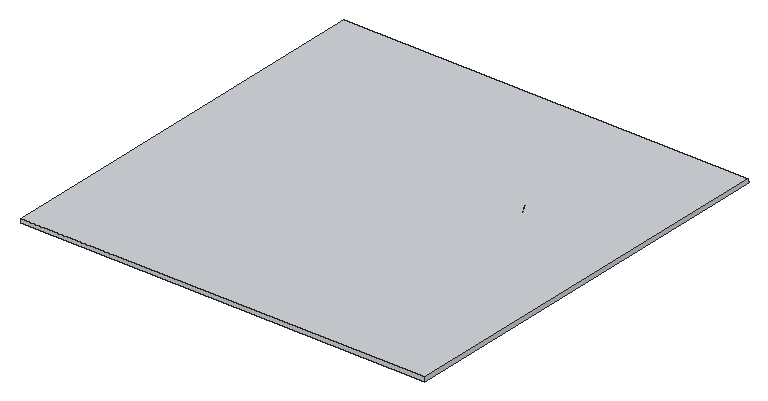
Revit family "Tyco_FireDtctnAlmCtrlIndctEquip_Zettler-AddressableHeatDetector", category Fire Alarm Devices, host Face, Revit 2013
Parameters (values of type "830H")
  Weight = "(Excluding Base) 81g"
  WarrantyStartDate [instance] = "1900-12-31T23:59:59"
  WarrantyGuarantorParts = "Contact your supplier. If you don’t have your supplier contact details please contact (tfsuk.service@tycoint.com) or (tfseu.service@tycoint.com)"
  WarrantyGuarantorLabor = "Contact your supplier. If you don’t have your supplier contact details please contact (tfsuk.service@tycoint.com) or (tfseu.service@tycoint.com)"
  WarrantyDurationUnit = "Year"
  WarrantyDurationParts = "1.5 years"
  WarrantyDurationLabor = "1.5 years"
  WarrantyDescription = "n/a"
  Voltage = "20 – 40 VDC"
  Version = "1"
  UsageCurrent = "335μA"
  Uniclass2 = "Ee_40_15_75"
  URL = "http://www.zettlerfire.com/Products/Fire/ZETTLERdetectors/ZETTLERGen6_830H_850H.asp"
  Type Comments = "Only 4B_Detector or 4B-I_Isolator Detector Bases can be used with 830H Detector"
  TimeConstant = "n/a"
  TagNumber [instance] = "n/a"
  SustainabilityPerformance = "n/a"
  StorageTemperature = "-40 °C to +80 °C"
  Size = "n/a"
  ShortCircuitIsolators = no
  Shape = "n/a"
  SerialNumber [instance] = "n/a"
  Revision = "n/a"
  ReplacementCost = "n/a"
  RelativeHumidity = "95%(non-condensing)"
  Reference = "n/a"
  QuiescentCurrent = "335μA"
  ProductSpecification = "830H Heat Detector without built in- line isolator"
  ProductInformation = "http://www.zettlerfire.com/Products/Fire/ZETTLERdetectors/ZETTLERGen6_830H_850H.asp"
  ProductCodes = "516.830.053"
  PhaseReference = "n/a"
  PhaseAngle = 0.00°
  OperationTemperatureRange = "-25 °C to +70 °C"
  NumberOfPoles = 0
  NominalWidth = 108 mm
  NominalVoltage = "40 V DC"
  NominalLength = 108 mm
  NominalHeight = 42 mm
  NominalFrequencyRange = "n/a"
  NominalDiameter = 108 mm
  NominalCurrent = "n/a"
  Name = "830H-Addressable Heat Detector"
  NBSReference = "90-75-30/380"
  NBSDescription = "Fire detection and alarm control and indicating equipment (CIE)"
  ModelReference = "n/a"
  ModelNumber = "830H"
  Model = "830H"
  Material = "Flame Retardant-FR3010 ‘BAYBLEND'"
  ManufacturerURL = "www.zettlerfire.com"
  ManufacturerName = "Tyco Fire Protection Products"
  Manufacturer = "Tyco Fire Protection Products"  # constant formula
  InsulationStandardClass = "n/a"
  InstallationDate [instance] = "1900-12-31T23:59:59"
  IfcTypeObject = "IfcBuildingElementProxy"
  IfcExportType = "HEATSENSOR"
  IfcExportAs = "IfcSensorType"
  IPCode = "IP44"
  HeatSensorSetPoint = "n/a"
  HeatSensorRange = "n/a"
  HeatSensorAccuracy = "n/a"
  HasProtectiveEarth = no
  Grade = "n/a"
  Finish = "n/a"
  Features = "Addressable Heat Sensor"
  ExpectedLife = "n/a"
  ElectricalDeviceNominalPower = "n/a"
  DurationUnit = "Year"
  DeviceBases = "4B_Detector Base/4B-I_Isolator Detector Base"
  DetectorType = "Heat Detector"
  Detector Color = Plastic Material White
  Detector Base [instance] = 4B series Detector Bases : 4B_Detector_Base
  Description = "Zettler-Addressable Heat Detector without built in- line isolator"
  Default Elevation = 1200 mm
  CoverageArea = "n/a"
  Constituents = "n/a"
  Color = "White"
  CodePerformance = "n/a"
  Category = "Ee_40_15_75"
  Brand = "Zettler"
  BarCode [instance] = "n/a"
  BIMObjectName = "Tyco_FireDtctnAlmCtrlIndctEquip_Zettler-AddressableHeatDetector-830H"
  Author = "Tyco Fire Protection Products"
  AssetType = "Moveable"
  AssetIdentifier [instance] = "n/a"
  AlarmCurrent = "3.3mA"
  AccessibilityPerformance = "n/a"
Types (3, lengths in mm): name | Type Comments | ShortCircuitIsolators | ProductSpecification | ProductCodes | Name | ModelNumber | Model | DeviceBases | Detector Base | Description | BIMObjectName
  (no name) | "Only 4B_Detector or 4B-I_Isolator Detector Bases can be used with 830H Detector" | no | "830H Heat Detector without built in- line isolator" | "516.830.053" | "830H-Addressable Heat Detector" | "830H" | "830H" | "4B_Detector Base/4B-I_Isolator Detector Base" | 4B series Detector Bases : 4B_Detector_Base | "Zettler-Addressable Heat Detector without built in- line isolator" | "Tyco_FireDtctnAlmCtrlIndctEquip_Zettler-AddressableHeatDetector-830H"
  850H | "Only 4B-C_Continuity Detector Base can be used with 850H Detector" | yes | "850H Heat Detector with built in-line isolator" | "516.850.053" | "850H-Addressable Heat Detector" | "850H" | "850H" | "4B-C_Continuity Detector Base" | 4B series Detector Bases : 4B-C_Continuity_Detector_Base | "Zettler-Addressable Heat Detector with built in line isolator" | "Tyco_FireDtctnAlmCtrlIndctEquip_Zettler-AddressableHeatDetector-850H"
  830H | "Only 4B_Detector or 4B-I_Isolator Detector Bases can be used with 830H Detector" | no | "830H Heat Detector without built in- line isolator" | "516.830.053" | "830H-Addressable Heat Detector" | "830H" | "830H" | "4B_Detector Base/4B-I_Isolator Detector Base" | 4B series Detector Bases : 4B_Detector_Base | "Zettler-Addressable Heat Detector without built in- line isolator" | "Tyco_FireDtctnAlmCtrlIndctEquip_Zettler-AddressableHeatDetector-830H"
Reference planes
  plane 1 "Center (Front/Back)": y = 0
  plane 2: z = 0
  plane 3 "Center (Left/Right)": x = 0
  plane 4 "Base Ref": z = -13
  plane 5: z = -55
Forms (mm)
  Extrusion 1, solid
    sketch origin (0, 0, 0) x (1, 0, 0) y (0, 1, 0)
      loop
        line (-100, 100) -> (-100, -100) -> (100, -100) -> (100, 100) -> (-100, 100)
    from 0 to 2
Lines and regions (mm)
  symbolic lines
    curve 1: circle (0, 0, 0) r 55 normal (0, 0, 1)
    curve 2: circle (0, 0, 0) r 27.844 normal (0, 0, 1)
    curve 3: line (-54.5, 0, 0) -> (54.5, 0, 0)
    curve 63: line (0, 54.516, 0) -> (0, -54.509, 0)
  symbolic lines, detail levels medium+fine
    curve 4: line (54.5, 0, 0) -> (54, 0, -13)
    curve 5: line (54, 0, -13) -> (-54, 0, -13)
    curve 6: line (-54, 0, -13) -> (-54.5, 0, 0)
    curve 7: arc (-37.856, 0, -36.4) -> (-41.005, 0, -33.439) -> (-44.898, 0, -31.56) r 14.24
    curve 8: arc (-53.231, 0, -21.704) -> (-50.512, 0, -27.856) -> (-44.898, 0, -31.56) r 11.931
    curve 9: arc (-37.856, 0, -36.4) -> (-35.038, 0, -40.489) -> (-32.735, 0, -44.888) r 41.028
    curve 10: arc (-32.735, 0, -44.888) -> (-28.969, 0, -50.351) -> (-22.82, 0, -52.844) r 11.564
    curve 11: arc (0, 0, -55) -> (-11.461, 0, -54.465) -> (-22.82, 0, -52.844) r 120.632
    curve 12: line (-53.231, 0, -21.704) -> (-54, 0, -13)
    curve 13: arc (37.856, 0, -36.4) -> (41.005, 0, -33.439) -> (44.898, 0, -31.56) r 14.24
    curve 14: arc (53.231, 0, -21.704) -> (50.512, 0, -27.856) -> (44.898, 0, -31.56) r 11.931
    curve 15: arc (37.856, 0, -36.4) -> (35.038, 0, -40.489) -> (32.735, 0, -44.888) r 41.028
    curve 16: arc (32.735, 0, -44.888) -> (28.969, 0, -50.351) -> (22.82, 0, -52.844) r 11.564
    curve 17: arc (0, 0, -55) -> (11.461, 0, -54.465) -> (22.82, 0, -52.844) r 120.632
    curve 18: line (53.231, 0, -21.704) -> (54, 0, -13)
    curve 19: spline (-22.136, 0, -44.829) -> (-22.285, 0, -44.257) -> (-22.444, 0, -43.692) -> (-22.614, 0, -43.133) -> (-22.795, 0, -42.58) -> (-22.986, 0, -42.035) -> (-23.187, 0, -41.497) -> (-23.398, 0, -40.966) -> (-23.619, 0, -40.444) -> (-23.851, 0, -39.931) -> (-24.091, 0, -39.426) -> (-24.341, 0, -38.931) -> (-24.601, 0, -38.445)
    curve 20: spline (-24.601, 0, -38.445) -> (-24.702, 0, -38.266) -> (-24.8, 0, -38.089) -> (-24.896, 0, -37.913) -> (-24.989, 0, -37.739) -> (-25.079, 0, -37.565) -> (-25.167, 0, -37.393) -> (-25.251, 0, -37.223) -> (-25.333, 0, -37.055) -> (-25.411, 0, -36.888) -> (-25.487, 0, -36.723) -> (-25.559, 0, -36.561) -> (-25.629, 0, -36.4)
    curve 21: spline (-16.99, 0, -52.18) -> (-17.571, 0, -51.85) -> (-18.133, 0, -51.46) -> (-18.674, 0, -51.012) -> (-19.19, 0, -50.509) -> (-19.678, 0, -49.954) -> (-20.135, 0, -49.35) -> (-20.561, 0, -48.7) -> (-20.951, 0, -48.007) -> (-21.304, 0, -47.275) -> (-21.617, 0, -46.509) -> (-21.89, 0, -45.712) -> (-22.121, 0, -44.888)
    curve 22: spline (-15.029, 0, -52.569) -> (-15.179, 0, -52.575) -> (-15.34, 0, -52.573) -> (-15.509, 0, -52.563) -> (-15.684, 0, -52.545) -> (-15.863, 0, -52.52) -> (-16.042, 0, -52.488) -> (-16.219, 0, -52.45) -> (-16.391, 0, -52.405) -> (-16.557, 0, -52.355) -> (-16.713, 0, -52.3) -> (-16.858, 0, -52.241) -> (-16.99, 0, -52.179)
    curve 23: line (-8.615, 0, -52.569) -> (-15.029, 0, -52.569)
    curve 24: spline (-7.74, 0, -52.193) -> (-7.718, 0, -52.242) -> (-7.714, 0, -52.29) -> (-7.729, 0, -52.336) -> (-7.763, 0, -52.379) -> (-7.816, 0, -52.418) -> (-7.886, 0, -52.454) -> (-7.973, 0, -52.486) -> (-8.076, 0, -52.513) -> (-8.193, 0, -52.535) -> (-8.323, 0, -52.552) -> (-8.464, 0, -52.563) -> (-8.615, 0, -52.569)
    curve 25: spline (-9.631, 0, -44.858) -> (-9.546, 0, -45.688) -> (-9.446, 0, -46.491) -> (-9.331, 0, -47.263) -> (-9.201, 0, -48) -> (-9.057, 0, -48.698) -> (-8.9, 0, -49.353) -> (-8.732, 0, -49.961) -> (-8.552, 0, -50.519) -> (-8.361, 0, -51.024) -> (-8.162, 0, -51.472) -> (-7.955, 0, -51.863) -> (-7.74, 0, -52.193)
    curve 26: spline (-10.535, 0, -38.446) -> (-10.44, 0, -38.934) -> (-10.348, 0, -39.431) -> (-10.26, 0, -39.938) -> (-10.175, 0, -40.454) -> (-10.093, 0, -40.978) -> (-10.016, 0, -41.511) -> (-9.942, 0, -42.052) -> (-9.872, 0, -42.6) -> (-9.806, 0, -43.155) -> (-9.743, 0, -43.716) -> (-9.685, 0, -44.285) -> (-9.631, 0, -44.858)
    curve 27: spline (-11.314, 0, -36.4) -> (-11.222, 0, -36.558) -> (-11.135, 0, -36.719) -> (-11.053, 0, -36.883) -> (-10.976, 0, -37.048) -> (-10.903, 0, -37.216) -> (-10.836, 0, -37.386) -> (-10.773, 0, -37.558) -> (-10.715, 0, -37.732) -> (-10.663, 0, -37.908) -> (-10.615, 0, -38.086) -> (-10.573, 0, -38.265) -> (-10.535, 0, -38.446)
    curve 28: line (-11.314, 0, -36.4) -> (-25.629, 0, -36.4)
    curve 29: line (25.629, 0, -36.4) -> (11.314, 0, -36.4)
    curve 30: spline (10.566, 0, -38.296) -> (10.604, 0, -38.131) -> (10.646, 0, -37.967) -> (10.693, 0, -37.804) -> (10.745, 0, -37.642) -> (10.8, 0, -37.482) -> (10.861, 0, -37.322) -> (10.926, 0, -37.165) -> (10.995, 0, -37.008) -> (11.068, 0, -36.854) -> (11.146, 0, -36.701) -> (11.228, 0, -36.549) -> (11.314, 0, -36.4)
    curve 31: spline (9.631, 0, -44.858) -> (9.686, 0, -44.27) -> (9.747, 0, -43.687) -> (9.811, 0, -43.111) -> (9.879, 0, -42.542) -> (9.951, 0, -41.981) -> (10.028, 0, -41.428) -> (10.108, 0, -40.883) -> (10.192, 0, -40.346) -> (10.28, 0, -39.819) -> (10.371, 0, -39.301) -> (10.467, 0, -38.794) -> (10.566, 0, -38.296)
    curve 32: spline (7.762, 0, -52.162) -> (7.974, 0, -51.829) -> (8.179, 0, -51.436) -> (8.376, 0, -50.987) -> (8.564, 0, -50.482) -> (8.742, 0, -49.926) -> (8.909, 0, -49.32) -> (9.063, 0, -48.669) -> (9.205, 0, -47.976) -> (9.334, 0, -47.244) -> (9.448, 0, -46.478) -> (9.547, 0, -45.681) -> (9.631, 0, -44.858)
    curve 33: spline (8.688, 0, -52.569) -> (8.521, 0, -52.575) -> (8.364, 0, -52.572) -> (8.22, 0, -52.562) -> (8.091, 0, -52.543) -> (7.979, 0, -52.517) -> (7.884, 0, -52.483) -> (7.81, 0, -52.443) -> (7.757, 0, -52.396) -> (7.725, 0, -52.344) -> (7.716, 0, -52.288) -> (7.729, 0, -52.227) -> (7.764, 0, -52.163)
    curve 34: line (8.688, 0, -52.569) -> (15.092, 0, -52.569)
    curve 35: spline (17.057, 0, -52.145) -> (16.931, 0, -52.199) -> (16.791, 0, -52.252) -> (16.637, 0, -52.303) -> (16.473, 0, -52.352) -> (16.301, 0, -52.397) -> (16.124, 0, -52.438) -> (15.944, 0, -52.474) -> (15.763, 0, -52.505) -> (15.585, 0, -52.53) -> (15.413, 0, -52.55) -> (15.247, 0, -52.563) -> (15.092, 0, -52.569)
    curve 36: spline (22.121, 0, -44.888) -> (21.893, 0, -45.704) -> (21.623, 0, -46.494) -> (21.313, 0, -47.254) -> (20.965, 0, -47.98) -> (20.58, 0, -48.668) -> (20.161, 0, -49.314) -> (19.709, 0, -49.916) -> (19.228, 0, -50.469) -> (18.719, 0, -50.971) -> (18.186, 0, -51.419) -> (17.631, 0, -51.811) -> (17.057, 0, -52.145)
    curve 37: spline (24.552, 0, -38.534) -> (24.296, 0, -39.018) -> (24.049, 0, -39.512) -> (23.812, 0, -40.015) -> (23.584, 0, -40.526) -> (23.366, 0, -41.046) -> (23.157, 0, -41.574) -> (22.959, 0, -42.109) -> (22.77, 0, -42.652) -> (22.592, 0, -43.202) -> (22.425, 0, -43.758) -> (22.268, 0, -44.32) -> (22.121, 0, -44.888)
    curve 38: spline (25.629, 0, -36.4) -> (25.553, 0, -36.565) -> (25.475, 0, -36.732) -> (25.394, 0, -36.903) -> (25.31, 0, -37.075) -> (25.224, 0, -37.25) -> (25.135, 0, -37.428) -> (25.044, 0, -37.607) -> (24.95, 0, -37.789) -> (24.854, 0, -37.973) -> (24.756, 0, -38.158) -> (24.655, 0, -38.345) -> (24.552, 0, -38.534)
    curve 39: spline (-5.342, 0, -52.17) -> (-5.554, 0, -51.838) -> (-5.76, 0, -51.446) -> (-5.958, 0, -50.996) -> (-6.146, 0, -50.492) -> (-6.324, 0, -49.935) -> (-6.492, 0, -49.329) -> (-6.647, 0, -48.677) -> (-6.789, 0, -47.982) -> (-6.918, 0, -47.249) -> (-7.032, 0, -46.481) -> (-7.132, 0, -45.683) -> (-7.216, 0, -44.858)
    curve 40: spline (-7.216, 0, -44.858) -> (-7.282, 0, -44.168) -> (-7.354, 0, -43.485) -> (-7.431, 0, -42.812) -> (-7.514, 0, -42.149) -> (-7.603, 0, -41.497) -> (-7.697, 0, -40.857) -> (-7.796, 0, -40.228) -> (-7.901, 0, -39.612) -> (-8.011, 0, -39.01) -> (-8.125, 0, -38.421) -> (-8.245, 0, -37.848) -> (-8.369, 0, -37.289)
    curve 41: spline (-8.369, 0, -37.289) -> (-8.387, 0, -37.213) -> (-8.403, 0, -37.138) -> (-8.418, 0, -37.063) -> (-8.433, 0, -36.988) -> (-8.447, 0, -36.913) -> (-8.46, 0, -36.839) -> (-8.471, 0, -36.765) -> (-8.482, 0, -36.691) -> (-8.492, 0, -36.618) -> (-8.502, 0, -36.545) -> (-8.51, 0, -36.472) -> (-8.517, 0, -36.4)
    curve 42: line (8.517, 0, -36.4) -> (-8.517, 0, -36.4)
    curve 43: spline (8.517, 0, -36.4) -> (8.51, 0, -36.474) -> (8.501, 0, -36.548) -> (8.491, 0, -36.622) -> (8.481, 0, -36.697) -> (8.47, 0, -36.772) -> (8.457, 0, -36.847) -> (8.444, 0, -36.923) -> (8.43, 0, -37) -> (8.415, 0, -37.076) -> (8.399, 0, -37.153) -> (8.383, 0, -37.231) -> (8.365, 0, -37.308)
    curve 44: spline (8.365, 0, -37.308) -> (8.241, 0, -37.866) -> (8.122, 0, -38.438) -> (8.008, 0, -39.025) -> (7.899, 0, -39.626) -> (7.794, 0, -40.241) -> (7.695, 0, -40.868) -> (7.602, 0, -41.507) -> (7.513, 0, -42.157) -> (7.43, 0, -42.818) -> (7.353, 0, -43.489) -> (7.282, 0, -44.17) -> (7.216, 0, -44.858)
    curve 45: spline (7.216, 0, -44.858) -> (7.132, 0, -45.678) -> (7.034, 0, -46.472) -> (6.92, 0, -47.236) -> (6.792, 0, -47.966) -> (6.651, 0, -48.657) -> (6.497, 0, -49.307) -> (6.331, 0, -49.911) -> (6.155, 0, -50.467) -> (5.968, 0, -50.971) -> (5.772, 0, -51.421) -> (5.568, 0, -51.815) -> (5.357, 0, -52.149)
    curve 46: spline (5.355, 0, -52.148) -> (5.306, 0, -52.202) -> (5.236, 0, -52.255) -> (5.147, 0, -52.305) -> (5.039, 0, -52.353) -> (4.913, 0, -52.398) -> (4.773, 0, -52.439) -> (4.62, 0, -52.475) -> (4.456, 0, -52.505) -> (4.283, 0, -52.531) -> (4.104, 0, -52.55) -> (3.922, 0, -52.563) -> (3.739, 0, -52.569)
    curve 47: line (-3.661, 0, -52.569) -> (3.739, 0, -52.569)
    curve 48: spline (-3.661, 0, -52.569) -> (-3.845, 0, -52.575) -> (-4.029, 0, -52.573) -> (-4.211, 0, -52.562) -> (-4.387, 0, -52.544) -> (-4.556, 0, -52.519) -> (-4.715, 0, -52.486) -> (-4.862, 0, -52.446) -> (-4.994, 0, -52.4) -> (-5.109, 0, -52.348) -> (-5.207, 0, -52.292) -> (-5.284, 0, -52.232) -> (-5.341, 0, -52.169)
    curve 49: line (44.898, 0, -31.56) -> (-44.898, 0, -31.56)
    curve 50: spline (0, 37.856, -36.4) -> (0, 37.299, -37.005) -> (0, 36.763, -37.63) -> (0, 36.251, -38.275) -> (0, 35.762, -38.94) -> (0, 35.296, -39.622) -> (0, 34.855, -40.322) -> (0, 34.439, -41.038) -> (0, 34.049, -41.77) -> (0, 33.685, -42.516) -> (0, 33.348, -43.275) -> (0, 33.038, -44.046) -> (0, 32.755, -44.829)
    curve 51: spline (0, 32.755, -44.829) -> (0, 32.382, -45.801) -> (0, 31.928, -46.735) -> (0, 31.397, -47.625) -> (0, 30.793, -48.464) -> (0, 30.122, -49.246) -> (0, 29.387, -49.964) -> (0, 28.594, -50.613) -> (0, 27.75, -51.188) -> (0, 26.861, -51.685) -> (0, 25.934, -52.1) -> (0, 24.975, -52.43) -> (0, 23.992, -52.672)
    curve 52: arc (0, 53.231, -21.704) -> (0, 50.509, -27.854) -> (0, 44.898, -31.56) r 11.949
    curve 53: arc (0, 44.898, -31.56) -> (0, 41.006, -33.441) -> (0, 37.856, -36.4) r 14.284
    curve 54: arc (0, 23.992, -52.672) -> (0, 12.052, -54.412) -> (0, 0, -55) r 125.727
    curve 55: line (0, 53.231, -21.704) -> (0, 53.992, -13)
    curve 56: spline (0, -37.856, -36.4) -> (0, -37.299, -37.005) -> (0, -36.763, -37.63) -> (0, -36.251, -38.275) -> (0, -35.762, -38.94) -> (0, -35.296, -39.622) -> (0, -34.855, -40.322) -> (0, -34.439, -41.038) -> (0, -34.049, -41.77) -> (0, -33.685, -42.516) -> (0, -33.348, -43.275) -> (0, -33.038, -44.046) -> (0, -32.755, -44.829)
    curve 57: spline (0, -32.755, -44.829) -> (0, -32.382, -45.801) -> (0, -31.928, -46.735) -> (0, -31.397, -47.625) -> (0, -30.793, -48.464) -> (0, -30.122, -49.246) -> (0, -29.387, -49.964) -> (0, -28.594, -50.613) -> (0, -27.75, -51.188) -> (0, -26.861, -51.685) -> (0, -25.934, -52.1) -> (0, -24.975, -52.43) -> (0, -23.992, -52.672)
    curve 58: arc (0, -53.231, -21.704) -> (0, -50.509, -27.854) -> (0, -44.898, -31.56) r 11.949
    curve 59: arc (0, -44.898, -31.56) -> (0, -41.006, -33.441) -> (0, -37.856, -36.4) r 14.284
    curve 60: arc (0, -23.992, -52.672) -> (0, -12.052, -54.412) -> (0, 0, -55) r 125.727
    curve 61: line (0, -53.231, -21.704) -> (0, -53.992, -13)
    curve 62: line (0, 53.992, -13) -> (0, -53.992, -13)
    curve 64: line (0, -54.509, 0) -> (0, -53.992, -13)
    curve 65: line (0, 53.992, -13) -> (0, 54.516, 0)
    curve 66: line (0, 53.231, -21.704) -> (0, -53.231, -21.704)
    curve 67: spline (0, 5.342, -52.17) -> (0, 5.554, -51.838) -> (0, 5.76, -51.446) -> (0, 5.958, -50.996) -> (0, 6.146, -50.492) -> (0, 6.324, -49.935) -> (0, 6.492, -49.329) -> (0, 6.647, -48.677) -> (0, 6.789, -47.982) -> (0, 6.918, -47.249) -> (0, 7.032, -46.481) -> (0, 7.132, -45.683) -> (0, 7.216, -44.858)
    curve 68: spline (0, 3.661, -52.569) -> (0, 3.845, -52.575) -> (0, 4.029, -52.573) -> (0, 4.21, -52.562) -> (0, 4.387, -52.544) -> (0, 4.556, -52.519) -> (0, 4.715, -52.486) -> (0, 4.862, -52.446) -> (0, 4.994, -52.4) -> (0, 5.109, -52.348) -> (0, 5.207, -52.292) -> (0, 5.284, -52.232) -> (0, 5.341, -52.169)
    curve 69: line (0, 0, -52.569) -> (0, 3.661, -52.569)
    curve 70: line (0, -3.739, -52.569) -> (0, 0, -52.569)
    curve 71: spline (0, -5.355, -52.148) -> (0, -5.306, -52.202) -> (0, -5.236, -52.255) -> (0, -5.147, -52.305) -> (0, -5.039, -52.353) -> (0, -4.913, -52.398) -> (0, -4.773, -52.439) -> (0, -4.62, -52.475) -> (0, -4.456, -52.505) -> (0, -4.283, -52.531) -> (0, -4.104, -52.55) -> (0, -3.922, -52.563) -> (0, -3.739, -52.569)
    curve 72: spline (0, -7.216, -44.858) -> (0, -7.132, -45.678) -> (0, -7.034, -46.472) -> (0, -6.92, -47.236) -> (0, -6.792, -47.966) -> (0, -6.651, -48.657) -> (0, -6.497, -49.307) -> (0, -6.331, -49.911) -> (0, -6.155, -50.467) -> (0, -5.968, -50.971) -> (0, -5.772, -51.421) -> (0, -5.568, -51.815) -> (0, -5.357, -52.149)
    curve 73: spline (0, -8.365, -37.308) -> (0, -8.241, -37.866) -> (0, -8.122, -38.438) -> (0, -8.008, -39.025) -> (0, -7.899, -39.626) -> (0, -7.794, -40.241) -> (0, -7.695, -40.868) -> (0, -7.602, -41.507) -> (0, -7.513, -42.157) -> (0, -7.43, -42.818) -> (0, -7.353, -43.489) -> (0, -7.282, -44.17) -> (0, -7.216, -44.858)
    curve 74: spline (0, 7.216, -44.858) -> (0, 7.282, -44.165) -> (0, 7.354, -43.48) -> (0, 7.432, -42.805) -> (0, 7.516, -42.14) -> (0, 7.605, -41.486) -> (0, 7.699, -40.843) -> (0, 7.799, -40.212) -> (0, 7.904, -39.594) -> (0, 8.014, -38.99) -> (0, 8.13, -38.4) -> (0, 8.25, -37.825) -> (0, 8.375, -37.265)
    curve 75: spline (0, 8.375, -37.265) -> (0, 8.391, -37.191) -> (0, 8.407, -37.118) -> (0, 8.422, -37.045) -> (0, 8.436, -36.972) -> (0, 8.449, -36.899) -> (0, 8.462, -36.827) -> (0, 8.473, -36.755) -> (0, 8.484, -36.683) -> (0, 8.493, -36.612) -> (0, 8.502, -36.541) -> (0, 8.51, -36.47) -> (0, 8.517, -36.4)
    curve 76: line (0, 8.517, -36.4) -> (0, 0, -36.4)
    curve 77: line (0, 0, -36.4) -> (0, -8.517, -36.4)
    curve 78: spline (0, -8.517, -36.4) -> (0, -8.51, -36.474) -> (0, -8.501, -36.548) -> (0, -8.491, -36.622) -> (0, -8.481, -36.697) -> (0, -8.47, -36.772) -> (0, -8.457, -36.848) -> (0, -8.444, -36.923) -> (0, -8.43, -37) -> (0, -8.415, -37.076) -> (0, -8.399, -37.153) -> (0, -8.383, -37.231) -> (0, -8.365, -37.308)
    curve 79: spline (0, 11.314, -36.4) -> (0, 11.222, -36.558) -> (0, 11.135, -36.719) -> (0, 11.053, -36.882) -> (0, 10.976, -37.048) -> (0, 10.903, -37.216) -> (0, 10.836, -37.386) -> (0, 10.773, -37.558) -> (0, 10.715, -37.732) -> (0, 10.663, -37.907) -> (0, 10.615, -38.085) -> (0, 10.573, -38.264) -> (0, 10.535, -38.445)
    curve 80: spline (0, 10.535, -38.445) -> (0, 10.44, -38.933) -> (0, 10.348, -39.43) -> (0, 10.26, -39.937) -> (0, 10.175, -40.453) -> (0, 10.094, -40.978) -> (0, 10.016, -41.51) -> (0, 9.942, -42.051) -> (0, 9.872, -42.599) -> (0, 9.806, -43.154) -> (0, 9.743, -43.716) -> (0, 9.685, -44.284) -> (0, 9.631, -44.858)
    curve 81: spline (0, 9.631, -44.858) -> (0, 9.546, -45.688) -> (0, 9.446, -46.491) -> (0, 9.33, -47.263) -> (0, 9.201, -48) -> (0, 9.057, -48.698) -> (0, 8.9, -49.353) -> (0, 8.732, -49.961) -> (0, 8.552, -50.519) -> (0, 8.361, -51.024) -> (0, 8.162, -51.472) -> (0, 7.955, -51.863) -> (0, 7.74, -52.193)
    curve 82: spline (0, 7.74, -52.193) -> (0, 7.718, -52.242) -> (0, 7.714, -52.29) -> (0, 7.729, -52.336) -> (0, 7.763, -52.379) -> (0, 7.816, -52.418) -> (0, 7.886, -52.454) -> (0, 7.973, -52.486) -> (0, 8.076, -52.513) -> (0, 8.193, -52.535) -> (0, 8.323, -52.552) -> (0, 8.464, -52.563) -> (0, 8.616, -52.569)
    curve 83: line (0, 8.616, -52.569) -> (0, 15.029, -52.569)
    curve 84: spline (0, 15.029, -52.569) -> (0, 15.179, -52.575) -> (0, 15.34, -52.573) -> (0, 15.509, -52.563) -> (0, 15.684, -52.545) -> (0, 15.863, -52.52) -> (0, 16.041, -52.488) -> (0, 16.219, -52.45) -> (0, 16.391, -52.405) -> (0, 16.557, -52.355) -> (0, 16.713, -52.3) -> (0, 16.858, -52.241) -> (0, 16.99, -52.179)
    curve 85: spline (0, 16.99, -52.18) -> (0, 17.571, -51.85) -> (0, 18.133, -51.46) -> (0, 18.674, -51.012) -> (0, 19.19, -50.509) -> (0, 19.678, -49.954) -> (0, 20.135, -49.35) -> (0, 20.561, -48.7) -> (0, 20.951, -48.007) -> (0, 21.304, -47.275) -> (0, 21.617, -46.509) -> (0, 21.89, -45.712) -> (0, 22.121, -44.888)
    curve 86: spline (0, 22.136, -44.829) -> (0, 22.285, -44.257) -> (0, 22.444, -43.692) -> (0, 22.614, -43.133) -> (0, 22.795, -42.58) -> (0, 22.985, -42.035) -> (0, 23.187, -41.497) -> (0, 23.398, -40.967) -> (0, 23.619, -40.445) -> (0, 23.85, -39.931) -> (0, 24.091, -39.426) -> (0, 24.341, -38.931) -> (0, 24.601, -38.445)
    curve 87: spline (0, 24.601, -38.445) -> (0, 24.702, -38.267) -> (0, 24.8, -38.09) -> (0, 24.896, -37.914) -> (0, 24.989, -37.739) -> (0, 25.079, -37.566) -> (0, 25.167, -37.394) -> (0, 25.251, -37.224) -> (0, 25.333, -37.055) -> (0, 25.411, -36.888) -> (0, 25.487, -36.724) -> (0, 25.559, -36.561) -> (0, 25.629, -36.4)
    curve 88: line (0, 25.629, -36.4) -> (0, 11.314, -36.4)
    curve 89: line (0, -11.314, -36.4) -> (0, -25.629, -36.4)
    curve 90: spline (0, -25.629, -36.4) -> (0, -25.553, -36.565) -> (0, -25.475, -36.733) -> (0, -25.394, -36.903) -> (0, -25.31, -37.076) -> (0, -25.224, -37.251) -> (0, -25.135, -37.428) -> (0, -25.044, -37.608) -> (0, -24.95, -37.789) -> (0, -24.854, -37.973) -> (0, -24.755, -38.159) -> (0, -24.655, -38.346) -> (0, -24.552, -38.535)
    curve 91: spline (0, -24.552, -38.535) -> (0, -24.298, -39.015) -> (0, -24.053, -39.504) -> (0, -23.818, -40.002) -> (0, -23.591, -40.509) -> (0, -23.375, -41.024) -> (0, -23.168, -41.546) -> (0, -22.97, -42.077) -> (0, -22.783, -42.614) -> (0, -22.606, -43.159) -> (0, -22.439, -43.709) -> (0, -22.282, -44.266) -> (0, -22.136, -44.829)
    curve 92: spline (0, -22.121, -44.888) -> (0, -21.893, -45.704) -> (0, -21.623, -46.494) -> (0, -21.313, -47.254) -> (0, -20.965, -47.98) -> (0, -20.58, -48.668) -> (0, -20.161, -49.314) -> (0, -19.709, -49.916) -> (0, -19.228, -50.469) -> (0, -18.719, -50.971) -> (0, -18.186, -51.419) -> (0, -17.631, -51.811) -> (0, -17.057, -52.145)
    curve 93: spline (0, -17.057, -52.145) -> (0, -16.931, -52.199) -> (0, -16.79, -52.252) -> (0, -16.637, -52.304) -> (0, -16.473, -52.352) -> (0, -16.301, -52.397) -> (0, -16.124, -52.438) -> (0, -15.944, -52.474) -> (0, -15.763, -52.505) -> (0, -15.585, -52.53) -> (0, -15.413, -52.55) -> (0, -15.247, -52.563) -> (0, -15.092, -52.569)
    curve 94: line (0, -8.688, -52.569) -> (0, -15.092, -52.569)
    curve 95: spline (0, -8.688, -52.569) -> (0, -8.521, -52.575) -> (0, -8.364, -52.573) -> (0, -8.22, -52.562) -> (0, -8.091, -52.544) -> (0, -7.978, -52.517) -> (0, -7.884, -52.484) -> (0, -7.81, -52.443) -> (0, -7.757, -52.397) -> (0, -7.725, -52.344) -> (0, -7.716, -52.287) -> (0, -7.729, -52.226) -> (0, -7.764, -52.163)
    curve 96: spline (0, -7.763, -52.162) -> (0, -7.975, -51.828) -> (0, -8.18, -51.436) -> (0, -8.376, -50.986) -> (0, -8.564, -50.482) -> (0, -8.742, -49.925) -> (0, -8.909, -49.32) -> (0, -9.063, -48.669) -> (0, -9.205, -47.976) -> (0, -9.334, -47.244) -> (0, -9.448, -46.478) -> (0, -9.547, -45.681) -> (0, -9.631, -44.858)
    curve 97: spline (0, -9.631, -44.858) -> (0, -9.686, -44.27) -> (0, -9.747, -43.687) -> (0, -9.811, -43.111) -> (0, -9.879, -42.542) -> (0, -9.951, -41.981) -> (0, -10.028, -41.427) -> (0, -10.108, -40.882) -> (0, -10.192, -40.346) -> (0, -10.28, -39.818) -> (0, -10.372, -39.301) -> (0, -10.467, -38.793) -> (0, -10.566, -38.295)
    curve 98: spline (0, -10.566, -38.295) -> (0, -10.604, -38.13) -> (0, -10.646, -37.966) -> (0, -10.693, -37.803) -> (0, -10.745, -37.642) -> (0, -10.8, -37.481) -> (0, -10.861, -37.322) -> (0, -10.926, -37.164) -> (0, -10.995, -37.008) -> (0, -11.068, -36.854) -> (0, -11.146, -36.701) -> (0, -11.228, -36.549) -> (0, -11.314, -36.4)
  symbolic lines, detail levels coarse
    curve 99: line (-54.5, 0, -55) -> (-54.5, 0, 0)
    curve 100: line (54.559, 0, -55) -> (-54.5, 0, -55)
    curve 101: line (54.559, 0, 0) -> (54.559, 0, -55)
    curve 102: line (0, 54.516, 0) -> (0, 54.516, -55)
    curve 103: line (0, -54.509, 0) -> (0, -54.509, -55)
    curve 104: line (0, -54.509, -55) -> (0, 54.516, -55)
Dimensions and locks
  locked: plane 4 "Base Ref" to plane 5 at 42
  locked: Extrusion 1 sketch curve to Extrusion 1 sketch curve at 200  (x2)
  locked: plane 3 "Center (Left/Right)" to Extrusion 1 sketch curve at 100
  locked: plane 1 "Center (Front/Back)" to Extrusion 1 sketch curve at 100
  locked: level to plane 4 "Base Ref" at 13
  aligned and locked: plane 2 to Extrusion 1
  aligned and locked: level to Extrusion 1
  aligned and locked: plane 3 "Center (Left/Right)" to nested 1
  aligned and locked: plane 1 "Center (Front/Back)" to nested 1
  aligned and locked: plane 1 "Center (Front/Back)" to nested 2
  aligned and locked: plane 3 "Center (Left/Right)" to nested 2
  aligned and locked: plane 1 "Center (Front/Back)" to curve 1
  aligned and locked: plane 3 "Center (Left/Right)" to curve 1
  aligned and locked: plane 1 "Center (Front/Back)" to curve 2
  aligned and locked: plane 3 "Center (Left/Right)" to curve 2
  aligned and locked: plane 4 "Base Ref" to nested 1
  aligned and locked: nested 1 to Extrusion 1
  aligned and locked: curve 12 to nested 2
  aligned and locked: curve 28 to nested 2
  aligned and locked: nested 1 to curve 62
  aligned and locked: nested 2 to curve 88
  aligned and locked: curve 99 to nested 1
  aligned and locked: plane 5 to curve 100
  aligned and locked: curve 101 to nested 1
  aligned and locked: nested 1 to curve 99
  aligned and locked: plane 5 to curve 104
Nested families
  nested 1: "4B series Detector Bases" at (0, 0, 0), type <- "Detector Base", type "4B_Detector_Base"
  nested 2: "Detector Model" at (0, 0, -13), type "Detector Model"
Connectors
  electrical at (0, 0, 0)
    settings: on plane 2, index 1, voltage 0 V, apparent load 0 VA, apparent load phase1 0 VA, apparent load phase2 0 VA, apparent load phase3 0 VA, power factor 1, load classification "Other", number of poles 1, system type 11, power factor state 1, is connector primary yes, connector utility no, sub classification motor no, connector description "Loop Powered"
Definition of nested family "4B series Detector Bases"
  Parameters (values of type "4B-I_Isolator_Detector_Base")
    Material = Plastic Material White
    Manufacturer = "Tyco"
    Default Elevation = 0 mm
  Types (3): name
    4B_Detector_Base
    4B-C_Continuity_Detector_Base
    4B-I_Isolator_Detector_Base
  Reference planes
    plane 1 "Center (Front/Back)": y = 0
    plane 2: z = 0
    plane 3 "Center (Left/Right)": x = 0
    plane 4 "Base Ref": z = -13
  Forms (mm)
    Revolve 1, solid, material "Plastic Material White" <- "Material"
      sketch origin (0, 0, 0) x (1, 0, 0) y (0, 0, 1)
        loop
          line (0, 0) -> (-54.5, 0) -> (-54.023, -13) -> (0, -13) -> (0, 0)
        axis (0, 0) -> (0, -13)
      angle from 0 to 360
  Dimensions and locks
    locked: plane 3 "Center (Left/Right)" to Revolve 1 sketch curve at 54.5
    plane 3 "Center (Left/Right)" to Revolve 1 sketch curve = 54.023 mm
    locked: level to plane 4 "Base Ref" at 13
    locked: Revolve 1 sketch curve to Revolve 1 sketch curve (angle 87.90°)
    aligned and locked: level to plane 2
    aligned and locked: plane 3 "Center (Left/Right)" to Revolve 1 sketch curve
    aligned and locked: level to Revolve 1 sketch curve
    aligned and locked: Revolve 1 sketch curve to plane 3 "Center (Left/Right)"
    aligned and locked: plane 4 "Base Ref" to Revolve 1 sketch curve
Definition of nested family "Detector Model"
  Parameters (values of type "Detector Model")
    Model = "Detector Model"
    Material = Plastic Material White
    Manufacturer = "Tyco"
  Reference planes
    plane 1 "Center (Front/Back)": y = 0
    plane 2: z = 0
    plane 3 "Center (Left/Right)": x = 0
    plane 4: z = -42
    plane 5 "Ref": z = -23.4
  Forms (mm)
    Revolve 1, solid, material "Plastic Material White" <- "Material"
      sketch origin (0, 0, 0) x (1, 0, 0) y (0, 0, 1)
        loop
          arc (-53.231, -8.704) -> (-50.502, -14.848) -> (-44.898, -18.56) r 12
          arc (-44.898, -18.56) -> (-37.35, -23.928) -> (-32.568, -31.859) r 22.749
          arc (-32.568, -31.859) -> (-29.115, -36.946) -> (-23.598, -39.657) r 12.009
          arc (-23.598, -39.657) -> (-11.857, -41.413) -> (0, -42) r 120
          line (0, -42) -> (0, -39.5)
          arc (0, -39.5) -> (-11.964, -38.889) -> (-23.804, -37.064) r 117.5
          line (-23.804, -37.064) -> (-27.901, -23.206) -> (-38.112, -19.797)
          arc (-38.112, -19.797) -> (-40.949, -17.799) -> (-44.033, -16.209) r 25.249
          arc (-44.033, -16.209) -> (-48.534, -13.303) -> (-50.746, -8.424) r 9.5
          line (-50.746, -8.424) -> (-51.49, 0) -> (-54, 0) -> (-53.231, -8.704)
        axis (0, 0) -> (0, -42)
      angle from 0 to 360
    Extrusion 2, void
      sketch origin (0, 0, 0) x (1, 0, 0) y (0, 1, 0)
        loop
          arc (3.675, 23.717) -> (4.724, 23.943) -> (5.354, 24.811) r 1.5
          line (5.354, 24.811) -> (8.376, 36.088)
          arc (8.376, 36.088) -> (8.535, 37.153) -> (8.464, 38.226) r 5
          line (8.464, 38.226) -> (7.11, 45.906)
          arc (7.11, 45.906) -> (0, 46.454) -> (-7.11, 45.906) r 46.454
          line (-7.11, 45.906) -> (-8.464, 38.226)
          arc (-8.464, 38.226) -> (-8.535, 37.14) -> (-8.369, 36.064) r 5
          line (-8.369, 36.064) -> (-5.354, 24.811)
          arc (-5.354, 24.811) -> (-4.724, 23.943) -> (-3.675, 23.717) r 1.5
          arc (-3.675, 23.717) -> (0, 24) -> (3.675, 23.717) r 24
        loop
          line (-34.489, 10.535) -> (-24.164, 7.769)
          arc (-24.164, 7.769) -> (-23.097, 7.88) -> (-22.377, 8.675) r 1.5
          arc (-22.377, 8.675) -> (-20.785, 12) -> (-18.702, 15.041) r 24
          arc (-18.702, 15.041) -> (-18.373, 16.063) -> (-18.81, 17.042) r 1.5
          line (-18.81, 17.042) -> (-26.368, 24.601)
          arc (-26.368, 24.601) -> (-27.121, 25.219) -> (-27.978, 25.679) r 5
          line (-27.978, 25.679) -> (-36.201, 29.11)
          arc (-36.201, 29.11) -> (-40.23, 23.227) -> (-43.311, 16.796) r 46.454
          line (-43.311, 16.796) -> (-36.229, 11.391)
          arc (-36.229, 11.391) -> (-35.401, 10.878) -> (-34.489, 10.535) r 5
        loop
          line (-24.811, 5.354) -> (-36.089, 8.376)
          arc (-36.089, 8.376) -> (-37.153, 8.535) -> (-38.226, 8.464) r 5
          line (-38.226, 8.464) -> (-45.906, 7.11)
          arc (-45.906, 7.11) -> (-46.454, 0) -> (-45.906, -7.11) r 46.454
          line (-45.906, -7.11) -> (-38.226, -8.464)
          arc (-38.226, -8.464) -> (-37.153, -8.535) -> (-36.088, -8.376) r 5
          line (-36.088, -8.376) -> (-24.811, -5.354)
          arc (-24.811, -5.354) -> (-23.943, -4.724) -> (-23.717, -3.675) r 1.5
          arc (-23.717, -3.675) -> (-24, 0) -> (-23.717, 3.675) r 24
          arc (-23.717, 3.675) -> (-23.943, 4.724) -> (-24.811, 5.354) r 1.5
        loop
          line (-24.601, 26.369) -> (-17.042, 18.81)
          arc (-17.042, 18.81) -> (-16.063, 18.373) -> (-15.041, 18.702) r 1.5
          arc (-15.041, 18.702) -> (-12, 20.785) -> (-8.676, 22.377) r 24
          arc (-8.676, 22.377) -> (-7.88, 23.097) -> (-7.769, 24.164) r 1.5
          line (-7.769, 24.164) -> (-10.535, 34.489)
          arc (-10.535, 34.489) -> (-10.878, 35.4) -> (-11.39, 36.228) r 5
          line (-11.39, 36.228) -> (-16.796, 43.311)
          arc (-16.796, 43.311) -> (-23.227, 40.23) -> (-29.11, 36.201) r 46.454
          line (-29.11, 36.201) -> (-25.68, 27.979)
          arc (-25.68, 27.979) -> (-25.219, 27.121) -> (-24.601, 26.369) r 5
        loop
          arc (7.772, 24.177) -> (7.877, 23.103) -> (8.675, 22.377) r 1.5
          arc (8.675, 22.377) -> (12, 20.785) -> (15.041, 18.702) r 24
          arc (15.041, 18.702) -> (16.062, 18.373) -> (17.042, 18.81) r 1.5
          line (17.042, 18.81) -> (24.601, 26.369)
          arc (24.601, 26.369) -> (25.219, 27.121) -> (25.68, 27.979) r 5
          line (25.68, 27.979) -> (29.11, 36.201)
          arc (29.11, 36.201) -> (23.227, 40.23) -> (16.796, 43.311) r 46.454
          line (16.796, 43.311) -> (11.39, 36.228)
          arc (11.39, 36.228) -> (10.878, 35.4) -> (10.535, 34.489) r 5
          line (10.535, 34.489) -> (7.772, 24.177)
        loop
          arc (18.818, 17.05) -> (18.373, 16.068) -> (18.702, 15.041) r 1.5
          arc (18.702, 15.041) -> (20.785, 12) -> (22.377, 8.675) r 24
          arc (22.377, 8.675) -> (23.097, 7.88) -> (24.164, 7.769) r 1.5
          line (24.164, 7.769) -> (34.489, 10.535)
          arc (34.489, 10.535) -> (35.401, 10.878) -> (36.229, 11.391) r 5
          line (36.229, 11.391) -> (43.311, 16.796)
          arc (43.311, 16.796) -> (40.23, 23.227) -> (36.201, 29.11) r 46.454
          line (36.201, 29.11) -> (27.978, 25.679)
          arc (27.978, 25.679) -> (27.121, 25.219) -> (26.368, 24.601) r 5
          line (26.368, 24.601) -> (18.818, 17.05)
        loop
          arc (23.717, -3.675) -> (23.943, -4.724) -> (24.811, -5.354) r 1.5
          line (24.811, -5.354) -> (36.085, -8.375)
          arc (36.085, -8.375) -> (37.151, -8.535) -> (38.226, -8.464) r 5
          line (38.226, -8.464) -> (45.906, -7.11)
          arc (45.906, -7.11) -> (46.454, 0) -> (45.906, 7.11) r 46.454
          line (45.906, 7.11) -> (38.226, 8.464)
          arc (38.226, 8.464) -> (37.151, 8.535) -> (36.085, 8.375) r 5
          line (36.085, 8.375) -> (24.811, 5.354)
          arc (24.811, 5.354) -> (23.943, 4.724) -> (23.717, 3.675) r 1.5
          arc (23.717, 3.675) -> (24, 0) -> (23.717, -3.675) r 24
        loop
          arc (18.702, -15.041) -> (18.372, -16.057) -> (18.802, -17.034) r 1.5
          line (18.802, -17.034) -> (26.368, -24.601)
          arc (26.368, -24.601) -> (27.121, -25.219) -> (27.978, -25.679) r 5
          line (27.978, -25.679) -> (36.201, -29.11)
          arc (36.201, -29.11) -> (40.23, -23.227) -> (43.311, -16.796) r 46.454
          line (43.311, -16.796) -> (36.229, -11.391)
          arc (36.229, -11.391) -> (35.401, -10.878) -> (34.489, -10.535) r 5
          line (34.489, -10.535) -> (24.164, -7.769)
          arc (24.164, -7.769) -> (23.097, -7.88) -> (22.377, -8.675) r 1.5
          arc (22.377, -8.675) -> (20.785, -12) -> (18.702, -15.041) r 24
        loop
          arc (8.675, -22.377) -> (7.883, -23.091) -> (7.765, -24.151) r 1.5
          line (7.765, -24.151) -> (10.535, -34.489)
          arc (10.535, -34.489) -> (10.878, -35.4) -> (11.39, -36.228) r 5
          line (11.39, -36.228) -> (16.796, -43.311)
          arc (16.796, -43.311) -> (23.227, -40.23) -> (29.11, -36.201) r 46.454
          line (29.11, -36.201) -> (25.68, -27.979)
          arc (25.68, -27.979) -> (25.219, -27.121) -> (24.601, -26.369) r 5
          line (24.601, -26.369) -> (17.042, -18.81)
          arc (17.042, -18.81) -> (16.062, -18.373) -> (15.041, -18.702) r 1.5
          arc (15.041, -18.702) -> (12, -20.785) -> (8.675, -22.377) r 24
        loop
          line (8.376, -36.088) -> (5.354, -24.811)
          arc (5.354, -24.811) -> (4.724, -23.943) -> (3.675, -23.717) r 1.5
          arc (3.675, -23.717) -> (0, -24) -> (-3.675, -23.717) r 24
          arc (-3.675, -23.717) -> (-4.724, -23.943) -> (-5.354, -24.811) r 1.5
          line (-5.354, -24.811) -> (-8.369, -36.064)
          arc (-8.369, -36.064) -> (-8.535, -37.14) -> (-8.464, -38.226) r 5
          line (-8.464, -38.226) -> (-7.11, -45.906)
          arc (-7.11, -45.906) -> (0, -46.454) -> (7.11, -45.906) r 46.454
          line (7.11, -45.906) -> (8.464, -38.226)
          arc (8.464, -38.226) -> (8.535, -37.153) -> (8.376, -36.088) r 5
        loop
          line (-10.535, -34.489) -> (-7.769, -24.164)
          arc (-7.769, -24.164) -> (-7.88, -23.097) -> (-8.676, -22.377) r 1.5
          arc (-8.676, -22.377) -> (-12, -20.785) -> (-15.041, -18.702) r 24
          arc (-15.041, -18.702) -> (-16.063, -18.373) -> (-17.042, -18.81) r 1.5
          line (-17.042, -18.81) -> (-24.601, -26.369)
          arc (-24.601, -26.369) -> (-25.219, -27.121) -> (-25.68, -27.979) r 5
          line (-25.68, -27.979) -> (-29.11, -36.201)
          arc (-29.11, -36.201) -> (-23.227, -40.23) -> (-16.796, -43.311) r 46.454
          line (-16.796, -43.311) -> (-11.39, -36.228)
          arc (-11.39, -36.228) -> (-10.878, -35.4) -> (-10.535, -34.489) r 5
        loop
          line (-26.368, -24.601) -> (-18.81, -17.042)
          arc (-18.81, -17.042) -> (-18.373, -16.063) -> (-18.702, -15.041) r 1.5
          arc (-18.702, -15.041) -> (-20.785, -12) -> (-22.377, -8.675) r 24
          arc (-22.377, -8.675) -> (-23.097, -7.88) -> (-24.164, -7.769) r 1.5
          line (-24.164, -7.769) -> (-34.489, -10.535)
          arc (-34.489, -10.535) -> (-35.401, -10.878) -> (-36.229, -11.391) r 5
          line (-36.229, -11.391) -> (-43.311, -16.796)
          arc (-43.311, -16.796) -> (-40.23, -23.227) -> (-36.201, -29.11) r 46.454
          line (-36.201, -29.11) -> (-27.978, -25.679)
          arc (-27.978, -25.679) -> (-27.121, -25.219) -> (-26.368, -24.601) r 5
      from -42 to -23.4
    Revolve 3, solid, material "Material Black", detail levels fine
      sketch origin (0, 0, 0) x (1, 0, 0) y (0, 0, 1)
        loop
          line (0, -39.569) -> (0, 0) -> (-50, 0) -> (-50, -8.704) -> (-34, -8.704)
          arc (-34, -8.704) -> (-31.172, -9.876) -> (-30, -12.704) r 4
          line (-30, -12.704) -> (-30, -21.4)
          arc (-30, -21.4) -> (-29.414, -22.814) -> (-28, -23.4) r 2
          line (-28, -23.4) -> (-22, -23.4)
          arc (-22, -23.4) -> (-20.586, -23.986) -> (-20, -25.4) r 2
          line (-20, -25.4) -> (-20, -37.569)
          arc (-20, -37.569) -> (-19.414, -38.983) -> (-18, -39.569) r 2
          line (-18, -39.569) -> (0, -39.569)
        axis (0, 0) -> (0, -39.569)
      angle from 0 to 360
  Cuts and joins
    Extrusion 2 cuts Revolve 1
  Dimensions and locks
    locked: level to plane 4 at 42
    locked: Revolve 1 sketch curve to Revolve 1 sketch curve at 2.5
    locked: plane 3 "Center (Left/Right)" to Revolve 1 sketch curve at 54
    locked: level to plane 5 "Ref" at 23.4
    locked: plane 3 "Center (Left/Right)" to Revolve 3 sketch curve at 50
    locked: plane 3 "Center (Left/Right)" to Revolve 3 sketch curve at 30
    locked: plane 3 "Center (Left/Right)" to Revolve 3 sketch curve at 20
    aligned and locked: level to plane 2
    aligned and locked: Revolve 1 sketch curve to plane 3 "Center (Left/Right)"  (x2)
    aligned and locked: plane 4 to Revolve 1 sketch curve
    aligned and locked: Revolve 1 sketch curve to level
    aligned and locked: plane 4 to Extrusion 2
    aligned and locked: plane 5 "Ref" to cut or joined group of Revolve 1, Extrusion 2
    aligned and locked: Revolve 3 sketch curve to plane 3 "Center (Left/Right)"  (x2)
    aligned and locked: cut or joined group of Revolve 1, Extrusion 2 to Revolve 3 sketch curve
    aligned and locked: Revolve 3 sketch curve to cut or joined group of Revolve 1, Extrusion 2
    aligned and locked: Revolve 3 sketch curve to level
    aligned and locked: Revolve 3 sketch curve to Revolve 3 sketch curve
